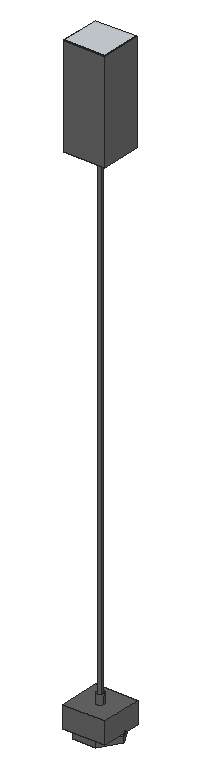
Revit family "LTC-4SQD-CM", category Lighting Fixtures, host Face, Revit 2017
Family settings
  Host = Face
  Round Connector Dimension = Use Diameter
  Part Type = Normal
  OmniClass Number = 23.80.70.11.14.11
  OmniClass Title = Downlights
  Cut with Voids When Loaded = No
  Light Source = Yes
  Shared = No
  Room Calculation Point = No
Parameters (values of type "LTC-4SQDPH-CMPC")
  Wattage Comments = "8-25W"
  Wattage = 100 W
  Warranty = "• 5 year warranty\r\n• See HLI Standard Warranty for\r\nadditional information"  # constant formula
  built-in parameter 1150110 = 1 (stored number, unit not read)
  Voltage = 120 V
  built-in parameter 1114217 = 1 (stored number, unit not read)
  Tilt Angle = -90.00°  # constant formula
  built-in parameter 1150109 = 1 (stored number, unit not read)
  built-in parameter 1150134 = 3
  built-in parameter 1150113 = 1 (stored number, unit not read)
  Recessed = yes
  RMD = no
  Photometric Web File = "LTC-4SQDPH-P-20L35K8MD-PM-S-BL.ies"
  Features = "•\t4inch architectural LED downlight cylinder delivering 600 - 2000 lm \r\n•\tFive beam distributions from 0.4 to 1.2 Spacing Criteria \r\n•\tQuiet reflector appearance with 50º optical cutoff\r\n•\t2700K - 5000K, 80+ and 90+ CRI options\r\n•\tAvailable in Surface, Wall, Pendant or Cable/Cord Mount configurations\r\n•\tVersatile canopy options for recessed and surface-mounted J-box applications \r\n•\tPowerHUBB™ enables low-voltage wired connectivity for Power over Ethernet (PoE) network system deployment\r\n"  # constant formula
  Emit from Rectangle Width = 5.500"  # constant formula
  Emit from Rectangle Length = 5.500"  # constant formula
  Cord Height = 72.000"
  built-in parameter 1150105 = -5684000 (stored number, unit not read)
  Lumens = 2000 lm
  built-in parameter 1150115 = 1 (stored number, unit not read)
  built-in parameter 1150137 = (empty or 0)
  built-in parameter 1150139 = (empty or 0)
  built-in parameter 1150112 = 1 (stored number, unit not read)
  built-in parameter 1150114 = 1 (stored number, unit not read)
  built-in parameter 1150132 = 2
  built-in parameter 1150102 = (empty or 0)
  built-in parameter 1150107 = 3200 (stored number, unit not read)
  built-in parameter 1150138 = (empty or 0)
  built-in parameter 1150106 = -56840 (stored number, unit not read)
  Emit Shape Visible in Rendering = no
  built-in parameter 1150104 = 1.8581 (stored number, unit not read)
  Dimming Lamp Color Temperature Shift = <None>
  Copyright = "© 2021 Prescolite, a division of Hubbell Lighting, Inc"  # constant formula
  Contact us = "https://www.hubbell.com/prescolite/en/contactUs"
  Color Filter = 16777215
  Certifications = "• cCSAus certified to UL 1598\r\n• Wall Mount: Suitable for wet locations\r\n• Surface & Pendant Mount: Suitable for wet\r\nlocations under covered ceiling\r\n• Cord Mount and all Wall Wash: Suitable for\r\ndamp locations"  # constant formula
  Canopy Width = 5.740"
  Canopy Height = 3.000"
  built-in parameter 1114218 = 1 (stored number, unit not read)
  Ballast = Paint - Hubbell - Carbon Black
  URL = "https://www.hubbell.com/prescolite/en"
  Product Page URL = "https://www.hubbell.com/prescolite/en/Products/Lighting-Controls/Commercial-Indoor-Lighting/Cylinders/LITEISTRY-4-Square-Cylinder-wPowerHUBB/p/3775897"
  Product Documentation Link = "https://hubbellcdn.com/specsheet/LTC-4SQDPH%20PowerHUBB.pdf"
  Model = "LTC-4SQDPH"  # constant formula
  Manufacturer = "Prescolite"  # constant formula
  Lamp = "LED Lamp"
  Reflector = Glass - Hubbell - Glass
  Description = "LITEISTRY™ 4inch Square Cylinder with Powerhubb"  # constant formula
  Default Elevation = 48.000"
  built-in parameter 1150133 = 10 (stored number, unit not read)
  Apparent Load = 25 VA  # constant formula
Types (4): name | Recessed | RMD | Photometric Web File | Canopy Width | Canopy Height
  (no name) | yes | no | "LTC-4SQDPH-P-20L35K8MD-PM-S-BL.ies" | 5.740" | 3.000"
  LTC-4SQDPH-CMRMD | no | yes | "LTC-4SQDPH-P-06L35K8MD-PM-S-BL.ies" | 7.000" | 0.260"
  LTC-4SQDPH-CMPC | yes | no | "LTC-4SQDPH-P-20L35K8MD-PM-S-BL.ies" | 5.740" | 3.000"
  LTC-4SQDPH-CMPCC | no | no | "LTC-4SQDPH-P-20L35K8MD-PM-S-BL.ies" | 5.820" | 4.500"
Reference planes (in)
  plane 1 "Center (Front/Back)": y = 0
  plane 2: z = 0
  plane 3 "Center (Left/Right)": x = 0
  plane 4: z = 72
  plane 5: z = 71.75
  plane 6: x = -1
  plane 7: y = 1
  plane 8: x = 1
  plane 9: y = -1
  plane 10: z = 3
  plane 11: x = 3
  plane 12: x = -3
  plane 13: x = -2.75391
  plane 14: x = 2.75391
  plane 15: x = -2.87
  plane 16: x = 2.87
  plane 17: y = -2.87
  plane 18: y = 2.87
Forms (in)
  Revolve 1, solid, material "Paint - Hubbell - Carbon Black" <- "Ballast"
    sketch origin (0, 0, -5.91673) x (1, 0, 0) y (0, 0, 1)
      loop
        line (-0.5, 5.91673) -> (0, 5.91673) -> (0, 77.91673) -> (-0.38833, 77.91673) -> (-0.38833, 77.66673) -> (-0.25, 77.66673) -> (-0.25, 10.11595) -> (-0.5, 10.11595) -> (-0.5, 5.91673)
      axis (0, 77.91673) -> (0, 5.91673)
    angle from 0 to 360
  Extrusion 2, solid, material "Paint - Hubbell - Carbon Black" <- "Ballast"
    sketch origin (0, 0, 0) x (1, 0, 0) y (0, 1, 0)
      loop
        line (-2.87, 2.87) -> (-2.87, -2.87) -> (2.87, -2.87) -> (2.87, 2.87) -> (-2.87, 2.87)
    from 0 to 3
  Revolve 3, solid, material "Paint - Hubbell - Carbon Black" <- "Ballast", visible <- "RMD"
    sketch origin (0, 0, 0) x (1, 0, 0) y (0, 0, 1)
      loop
        line (0, -6) -> (0, 0.00055) -> (-2.5, 0.00055) -> (-2.5, -0.93712)
        arc (-2.5, -0.93712) -> (-2.48175, -0.98119) -> (-2.43767, -0.99945) r 0.06233
        line (-2.43767, -0.99945) -> (-2.30081, -0.99945)
        arc (-2.30081, -0.99945) -> (-2.26488, -1.01433) -> (-2.25, -1.05026) r 0.05081
        line (-2.25, -1.05026) -> (-2.25, -4.55877)
        arc (-2.25, -4.55877) -> (-2.2306, -4.6056) -> (-2.18377, -4.625) r 0.06623
        line (-2.18377, -4.625) -> (-2.03463, -4.625)
        arc (-2.03463, -4.625) -> (-2.01014, -4.63514) -> (-2, -4.65963) r 0.03463
        line (-2, -4.65963) -> (-2, -5.88059)
        arc (-2, -5.88059) -> (-1.96503, -5.96503) -> (-1.88059, -6) r 0.11941
        line (-1.88059, -6) -> (0, -6)
      axis (0, 0.00055) -> (0, -6)
    angle from 0 to 360
  Extrusion 4, solid, material "Paint - Hubbell - Carbon Black" <- "Ballast", visible <- "Recessed"
    sketch origin (7.83986, -180, 7.93836) x (-1, 0, 0) y (0, -1, 0)
      loop
        line (9.45013, -182.78906) -> (11.0604, -180) -> (9.45013, -177.21094) -> (6.2296, -177.21094) -> (4.61933, -180) -> (6.2296, -182.78906) -> (9.45013, -182.78906)
    from -8.88553 to -7.93836
Cuts and joins
  joined: Revolve 1, Extrusion 2
Dimensions and locks (in)
  "Cord Height": plane 4 to host face
  locked: plane 4 to plane 5 at 0.25
  plane 6 to plane 3 "Center (Left/Right)" to plane 8 = 1.000" locked, 1.000" locked
  plane 7 to plane 1 "Center (Front/Back)" to plane 9 = 1.000" locked, 1.000" locked
  "Canopy Height": plane 10 to level
  host face to Revolve 3 sketch curve = 6.000"
  nested 1 to plane 4 = 14.000"
  "Canopy Width": plane 16 to plane 15
  equal spacing: plane 16, plane 3 "Center (Left/Right)", plane 15
  equal spacing: plane 18, plane 1 "Center (Front/Back)", plane 17
  "Canopy Width": plane 18 to plane 17
  locked: imposter light to plane 4 at 14
  aligned and locked: plane 2 to host face
  aligned and locked: Revolve 1 sketch curve to plane 4
  aligned and locked: Revolve 1 sketch curve to host face
  aligned and locked: plane 5 to Revolve 1 sketch curve
  aligned and locked: plane 3 "Center (Left/Right)" to nested 1
  aligned and locked: nested 1 to plane 1 "Center (Front/Back)"
  aligned and locked: Extrusion 2 to level
  aligned and locked: plane 10 to Extrusion 2
  aligned and locked: plane 3 "Center (Left/Right)" to imposter light
  aligned and locked: plane 16 to cut or joined group of Revolve 1, Extrusion 2
  aligned and locked: cut or joined group of Revolve 1, Extrusion 2 to plane 15
  aligned and locked: cut or joined group of Revolve 1, Extrusion 2 to plane 18
  aligned and locked: plane 17 to cut or joined group of Revolve 1, Extrusion 2
Automatic sketch dimensions
  host sketch curve to host sketch curve = 96.000"  (x2)
  Revolve 3 sketch curve to plane 3 "Center (Left/Right)" = 0.000"  (x2)
  plane 13 to Revolve 3 sketch curve = 0.87332"
  Revolve 3 sketch curve to Revolve 3 sketch curve = 0.11941"
  Revolve 3 sketch curve to Revolve 3 sketch curve = 0.03463"
  Revolve 3 sketch curve to Revolve 3 sketch curve = 0.14914"
  Revolve 3 sketch curve to Revolve 3 sketch curve = 0.06623"
  Revolve 3 sketch curve to Revolve 3 sketch curve = 0.05081"
  Revolve 3 sketch curve to Revolve 3 sketch curve = 0.13687"
  level to Revolve 3 sketch curve = 0.00055"
  plane 13 to Revolve 3 sketch curve = 0.25391"
  Revolve 3 sketch curve to Revolve 3 sketch curve = 1.22096"
  Revolve 3 sketch curve to level = 1.05026"
  Revolve 3 sketch curve to Revolve 3 sketch curve = 17.63999"
  plane 4 to Revolve 3 sketch curve = 31.07883"
  Revolve 1 sketch curve to plane 3 "Center (Left/Right)" = 0.000"  (x2)
  Revolve 1 sketch curve to plane 3 "Center (Left/Right)" = 0.250"
  Revolve 1 sketch curve to Revolve 1 sketch curve = 0.13833"
  Revolve 1 sketch curve to Revolve 1 sketch curve = 0.500"
  plane 10 to Revolve 1 sketch curve = 1.19922"
  Revolve 1 sketch curve to Revolve 1 sketch curve = 7.74272"
  Revolve 1 sketch curve to level = 13.75728"
  Extrusion 2 sketch curve to plane 6 = 1.870"
  plane 8 to Extrusion 2 sketch curve = 1.870"
  Extrusion 2 sketch curve to plane 9 = 1.870"
  plane 7 to Extrusion 2 sketch curve = 1.870"
  plane 1 "Center (Front/Back)" to Extrusion 4 sketch curve = 0.000"  (x2)
  plane 8 to Extrusion 4 sketch curve = 2.22053"
  plane 8 to Extrusion 4 sketch curve = 0.61027"  (x2)
  Extrusion 4 sketch curve to plane 6 = 0.61027"  (x2)
  Extrusion 4 sketch curve to plane 6 = 2.22053"
  plane 7 to Extrusion 4 sketch curve = 1.78906"
  Extrusion 4 sketch curve to plane 9 = 1.78906"
Nested families (in)
  nested 1: "LTC" at (0, 0, 72) x (0, 1, 0) z (0, 0, 1), Ballast <- "Ballast", Reflector <- "Reflector", type "6"
    with Reflector Glass - Hubbell - Glass, Ballast Paint - Hubbell - Carbon Black
Connectors (in)
  electrical at (0, 0, 0), driven by "Description", driven by "Voltage", driven by "Apparent Load"
    settings: index 1, voltage 120 V, apparent load 25 VA, apparent load phase1 0 VA, apparent load phase2 0 VA, apparent load phase3 0 VA, power factor 1, load classification "Other", number of poles 1, system type 30, power factor state 1, is connector primary yes, connector utility no, sub classification motor no, connector description "LITEISTRY™ 4inch Square Cylinder with Powerhubb"
Definition of nested family "LTC"
  Parameters
    Width = 5.57813"
    Wattage Comments = ""
    Lamp = ""
    Height = 14.000"
    Ballast [instance] = none
    URL = ""
    Product Page URL = ""
    Product Documentation Link = ""
    Model = ""
    Manufacturer Phone = ""
    Manufacturer Fax = ""
    Manufacturer = "Prescolite"
    Reflector [instance] = none
    Description = ""
    Default Elevation = 48.000"
  Reference planes (in)
    plane 1 "Center (Front/Back)": y = 0
    plane 2: z = 0
    plane 3 "Center (Left/Right)": x = 0
    plane 4: y = 2.78906
    plane 5: y = -2.78906
    plane 6: z = 14
    plane 7: z = 0.125
    plane 8: x = 2.78906
    plane 9: z = 13.875
    plane 10: x = -2.78906
  Forms (in)
    Extrusion 1, solid
      sketch origin (0, 0, 0) x (1, 0, 0) y (0, 1, 0)
        loop
          line (-48, 48) -> (-48, -48) -> (48, -48) -> (48, 48) -> (-48, 48)
      from 0 to -6
    Extrusion 2, solid, material <- "Reflector"
      sketch origin (0, 0, 30.25) x (1, 0, 0) y (0, 1, 0)
        loop
          line (-2.78906, 2.78906) -> (-2.78906, -2.78906) -> (2.78906, -2.78906) -> (2.78906, 2.78906) -> (-2.78906, 2.78906)
      from -16.25 to -16.375
    Extrusion 3, solid, material <- "Ballast"
      sketch origin (0, 0, 0) x (1, 0, 0) y (0, 1, 0)
        loop
          line (-2.78906, 2.78906) -> (-2.78906, -2.78906) -> (2.78906, -2.78906) -> (2.78906, 2.78906) -> (-2.78906, 2.78906)
      from 0 to 13.875
  Dimensions and locks (in)
    equal spacing: plane 4, plane 1 "Center (Front/Back)", plane 5
    "Width": plane 5 to plane 4
    equal spacing: plane 10, plane 3 "Center (Left/Right)", plane 8
    "Width": plane 10 to plane 8
    "Height": plane 6 to Extrusion 1
    locked: plane 6 to plane 9 at 0.125
    aligned and locked: plane 2 to Extrusion 1
    aligned and locked: Extrusion 2 to plane 9
    aligned and locked: plane 9 to Extrusion 3
    aligned and locked: plane 6 to Extrusion 2
  Automatic sketch dimensions
    Extrusion 1 sketch curve to Extrusion 1 sketch curve = 96.000"  (x2)
    Extrusion 3 sketch curve to plane 5 = 0.000"
    Extrusion 3 sketch curve to plane 10 = 0.000"
    Extrusion 3 sketch curve to plane 8 = 0.000"
    plane 4 to Extrusion 3 sketch curve = 0.000"
    Extrusion 2 sketch curve to plane 5 = 0.000"
    Extrusion 2 sketch curve to plane 10 = 0.000"
    Extrusion 2 sketch curve to plane 8 = 0.000"
    plane 4 to Extrusion 2 sketch curve = 0.000"
